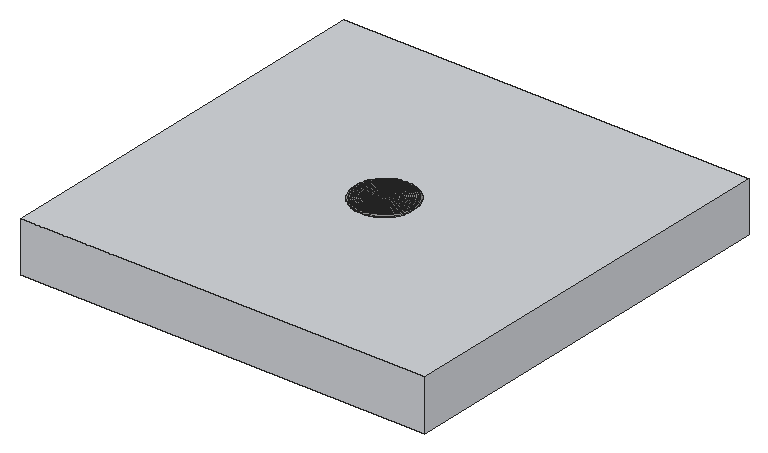
Revit family "ГГП-03(05).КЛ-01", category Устройства вызова и оповещения, Revit 2017
Family settings
  Основа = Грань
  Сохранять ориентацию аннотаций = Нет
  Размер круглого соединителя = Использовать диаметр
  Тип детали = Нормальный
  При загрузке вырезать с полостями = Нет
  Общий = Нет
  Точка расчета площади = Нет
Parameters (values of type "ГГП-05/КЛ-01 5 Вт")
  Частотный диапазон [instance] = "160-16000 Гц"  # constant formula
  Разработано = "support@bimlib.ru"  # constant formula
  Default Elevation = 1219.2 mm
  Напряжение питания = 100 V
  Мощность = 5 W
  Выходная мощность [instance] = if(and(Выбор мощности, Мощность = 3 VA), "3 Вт", if(and(Выбор мощности, Мощность = 5 VA), "5 Вт", if(and(Мощность = 5 VA), "3 Вт", "1 Вт")))  # "5 Вт"
  Материал [instance] = ПВХ
  Код IP [instance] = "41"  # constant formula
  Исполнение [instance] = "Настенное"  # constant formula
  Изготовитель = "СОУЭ Речор"  # constant formula
  Диапазон рабочих температур [instance] = "-10…+ 50 ºС \r"  # constant formula
  Диаметр [instance] = 180 mm
  Глубина [instance] = 56 mm
  Выбор мощности [instance] = yes
  URL = "http://rechor.ru/gromkogovoriteli"
  ADSK_Примечание [instance] = ""
  ADSK_Позиция [instance] = ""
  Обозначение = "КОД ОКП ОК 005 ТУ 4372-008-56433581-2015"  # constant formula
  Наименование = if(Мощность = 3 VA, "Оповещатель охранно-пожарный речевой 'ГГП-03/КЛ-01'", if(Мощность = 5 VA, "Оповещатель охранно-пожарный речевой 'ГГП-05/КЛ-01'", "Не найдено"))  # "Оповещатель охранно-пожарный речевой 'ГГП-05/КЛ-01'"
  ADSK_Масса_Текст = "0,5кг"
  ADSK_Масса = 0.5
  ADSK_Завод-изготовитель [instance] = Изготовитель  # "СОУЭ Речор"
Types (2, lengths in mm): name | Мощность | Выходная мощность | Глубина | Наименование | ADSK_Масса_Текст | ADSK_Масса
  ГГП-05/КЛ-01 5 Вт | 5 W | "5 Вт" | 56 | "Оповещатель охранно-пожарный речевой 'ГГП-05/КЛ-01'" | "0,5кг" | 0.5
  ГГП-03/КЛ-01 3 Вт | 3 W | "3 Вт" | 64 | "Оповещатель охранно-пожарный речевой 'ГГП-03/КЛ-01'" | "0,64 кг\r" | 0.64
Reference planes
  plane 1 "По центру (Вперед/Назад)": y = 0
  plane 2: z = 0
  plane 3 "По центру (Влево/Вправо)": x = 0
  plane 4: z = -56
Forms (mm)
  Extrusion 1, solid
    sketch origin (0, 0, 0) x (1, 0, 0) y (0, 1, 0)
      loop
        line (-1219.2, 1219.2) -> (-1219.2, -1219.2) -> (1219.2, -1219.2) -> (1219.2, 1219.2) -> (-1219.2, 1219.2)
    from 0 to -304.8
  Extrusion 2, solid, material "ПВХ" <- "Материал"
    sketch origin (0, 0, 0) x (1, 0, 0) y (0, 1, 0)
      loop
        circle (0, 0) r 180
    from 0 to 8
  Extrusion 3, solid, material "ПВХ" <- "Материал"
    sketch origin (0, 0, 0) x (1, 0, 0) y (0, 1, 0)
      loop
        line (-104.636, 114.922) -> (-104.636, -114.922) -> (85.364, -114.922) -> (85.364, 114.922) -> (-104.636, 114.922)
    from -56 to 0
  Revolve 4, void
    sketch origin (0, 0, 2.191) x (1, 0, 0) y (0, 0, 1)
      loop
        arc (174.331, 5.809) -> (177.858, 4.645) -> (180, 1.612) r 5.927
        line (180, 1.612) -> (180, 5.809) -> (174.331, 5.809)
      axis (0, 5.809) -> (0, 1.612)
    angle from 0 to 360
  Revolve 5, solid, material "ПВХ" <- "Материал"
    sketch origin (0, 0, 0) x (1, 0, 0) y (0, 0, 1)
      loop
        line (165.64, 9.595) -> (160.64, 9.595) -> (160.64, 6.95) -> (165.64, 6.95) -> (165.64, 9.595)
      loop
        line (155.64, 9.595) -> (150.64, 9.595) -> (150.64, 6.95) -> (155.64, 6.95) -> (155.64, 9.595)
      loop
        line (145.64, 9.595) -> (140.64, 9.595) -> (140.64, 6.95) -> (145.64, 6.95) -> (145.64, 9.595)
      loop
        line (135.64, 9.595) -> (130.64, 9.595) -> (130.64, 6.95) -> (135.64, 6.95) -> (135.64, 9.595)
      loop
        line (125.64, 9.595) -> (120.64, 9.595) -> (120.64, 6.95) -> (125.64, 6.95) -> (125.64, 9.595)
      loop
        line (115.64, 9.595) -> (110.64, 9.595) -> (110.64, 6.95) -> (115.64, 6.95) -> (115.64, 9.595)
      loop
        line (105.64, 9.595) -> (100.64, 9.595) -> (100.64, 6.95) -> (105.64, 6.95) -> (105.64, 9.595)
      loop
        line (95.64, 9.595) -> (90.64, 9.595) -> (90.64, 6.95) -> (95.64, 6.95) -> (95.64, 9.595)
      loop
        line (85.64, 9.595) -> (80.64, 9.595) -> (80.64, 6.95) -> (85.64, 6.95) -> (85.64, 9.595)
      loop
        line (75.64, 9.595) -> (70.64, 9.595) -> (70.64, 6.95) -> (75.64, 6.95) -> (75.64, 9.595)
      loop
        line (65.64, 9.595) -> (60.64, 9.595) -> (60.64, 6.95) -> (65.64, 6.95) -> (65.64, 9.595)
      loop
        line (55.64, 9.595) -> (50.64, 9.595) -> (50.64, 6.95) -> (55.64, 6.95) -> (55.64, 9.595)
      loop
        line (45.64, 9.595) -> (40.64, 9.595) -> (40.64, 6.95) -> (45.64, 6.95) -> (45.64, 9.595)
      loop
        line (35.64, 9.595) -> (30.64, 9.595) -> (30.64, 6.95) -> (35.64, 6.95) -> (35.64, 9.595)
      loop
        line (25.64, 9.595) -> (20.64, 9.595) -> (20.64, 6.95) -> (25.64, 6.95) -> (25.64, 9.595)
      loop
        line (15.64, 9.595) -> (10.64, 9.595) -> (10.64, 6.95) -> (15.64, 6.95) -> (15.64, 9.595)
      axis (0, 6.95) -> (0, 9.595)
    angle from 0 to 360
  Extrusion 6, solid, material "ПВХ" <- "Материал"
    sketch origin (0, 0, 0) x (1, 0, 0) y (0, 1, 0)
      loop
        line (-10.561, 1.297) -> (-163.703, 20.1)
        arc (-163.703, 20.1) -> (-164.588, 9.955) -> (-164.883, -0.225) r 175.64
        arc (-164.883, -0.225) -> (-164.601, -10.182) -> (-163.755, -20.107) r 175.64
        line (-163.755, -20.107) -> (-10.897, -1.338)
        arc (-10.897, -1.338) -> (-8.185, -7.885) -> (-1.638, -10.597) r 9.259
        line (-1.638, -10.597) -> (-20.32, -162.752)
        arc (-20.32, -162.752) -> (-8.502, -163.955) -> (3.37, -164.357) r 175.64
        arc (3.37, -164.357) -> (11.564, -164.165) -> (19.741, -163.592) r 175.64
        line (19.741, -163.592) -> (0.989, -10.868)
        arc (0.989, -10.868) -> (7.757, -8.065) -> (10.561, -1.297) r 9.572
        line (10.561, -1.297) -> (162.206, -19.916)
        arc (162.206, -19.916) -> (163.121, -9.602) -> (163.426, 0.749) r 175.64
        arc (163.426, 0.749) -> (163.163, 10.357) -> (162.375, 19.937) r 175.64
        line (162.375, 19.937) -> (10.289, 1.263)
        arc (10.289, 1.263) -> (7.556, 7.863) -> (0.956, 10.597) r 9.334
        line (0.956, 10.597) -> (19.809, 164.146)
        arc (19.809, 164.146) -> (10.571, 164.879) -> (1.306, 165.124) r 175.64
        arc (1.306, 165.124) -> (-9.591, 164.785) -> (-20.445, 163.772) r 175.64
        line (-20.445, 163.772) -> (-1.596, 10.261)
        arc (-1.596, 10.261) -> (-7.935, 7.635) -> (-10.561, 1.297) r 8.964
    from 3.803 to 8.785
Cuts and joins
  Revolve 4 cuts Extrusion 2
  joined: Extrusion 2, Extrusion 3
Dimensions and locks
  equal spacing: Extrusion 3 sketch curve, plane 1 "По центру (Вперед/Назад)", Extrusion 3 sketch curve
  locked: Extrusion 3 sketch curve to Extrusion 3 sketch curve at 229.844
  "Глубина": level to plane 4
  "Диаметр": radius of Extrusion 2 sketch curve
  aligned and locked: plane 2 to Extrusion 1
  aligned and locked: level to Extrusion 1
  aligned and locked: Extrusion 3 to plane 4
  aligned and locked: level to Extrusion 3
Automatic sketch dimensions
  Extrusion 1 sketch curve to Extrusion 1 sketch curve = 2438.4 mm  (x2)
  plane 3 "По центру (Влево/Вправо)" to Extrusion 3 sketch curve = 85.364 mm
  Extrusion 3 sketch curve to plane 3 "По центру (Влево/Вправо)" = 104.636 mm
  Revolve 5 sketch curve to plane 3 "По центру (Влево/Вправо)" = 0 mm
  plane 3 "По центру (Влево/Вправо)" to Revolve 5 sketch curve = 10.64 mm
  Revolve 5 sketch curve to Revolve 5 sketch curve = 5 mm  (x31)
  level to Revolve 5 sketch curve = 6.95 mm  (x2)
  Revolve 5 sketch curve to Revolve 5 sketch curve = 0 mm  (x14)
  Revolve 5 sketch curve to Revolve 5 sketch curve = 2.645 mm  (x16)
  Revolve 5 sketch curve to level = 15.889 mm
  Revolve 5 sketch curve to Revolve 5 sketch curve = 9.516 mm
  Revolve 4 sketch curve to plane 3 "По центру (Влево/Вправо)" = 0 mm
  level to Revolve 4 sketch curve = 2.073 mm
  plane 3 "По центру (Влево/Вправо)" to Revolve 4 sketch curve = 174.331 mm
  Revolve 4 sketch curve to Revolve 4 sketch curve = 5.669 mm
  Revolve 4 sketch curve to level = 22.809 mm
  level to Revolve 4 sketch curve = 3.803 mm
  level to Revolve 4 sketch curve = 17.191 mm
  Extrusion 6 sketch curve to Extrusion 6 sketch curve = 0 mm  (x8)
  plane 1 "По центру (Вперед/Назад)" to Extrusion 6 sketch curve = 0.225 mm
  plane 3 "По центру (Влево/Вправо)" to Extrusion 6 sketch curve = 10.757 mm
  plane 1 "По центру (Вперед/Назад)" to Extrusion 6 sketch curve = 10.516 mm
  plane 3 "По центру (Влево/Вправо)" to Extrusion 6 sketch curve = 1.306 mm
  Extrusion 6 sketch curve to plane 1 "По центру (Вперед/Назад)" = 11.283 mm
  Extrusion 6 sketch curve to Extrusion 6 sketch curve = 2.064 mm
  Extrusion 6 sketch curve to plane 3 "По центру (Влево/Вправо)" = 1.596 mm
  Extrusion 6 sketch curve to plane 3 "По центру (Влево/Вправо)" = 1.638 mm
  Extrusion 6 sketch curve to plane 1 "По центру (Вперед/Назад)" = 1.297 mm
  Extrusion 6 sketch curve to Extrusion 6 sketch curve = 8.964 mm
  plane 1 "По центру (Вперед/Назад)" to Extrusion 6 sketch curve = 1.338 mm
  Extrusion 6 sketch curve to Extrusion 6 sketch curve = 0.336 mm
  Extrusion 6 sketch curve to plane 1 "По центру (Вперед/Назад)" = 0.749 mm
  Extrusion 6 sketch curve to Extrusion 6 sketch curve = 1.653 mm
  Extrusion 6 sketch curve to Extrusion 6 sketch curve = 21.751 mm
  Extrusion 6 sketch curve to Extrusion 6 sketch curve = 23.689 mm
  plane 1 "По центру (Вперед/Назад)" to Extrusion 6 sketch curve = 20.107 mm
  Extrusion 6 sketch curve to Extrusion 6 sketch curve = 151.54 mm
  Extrusion 6 sketch curve to plane 1 "По центру (Вперед/Назад)" = 20.1 mm
  plane 3 "По центру (Влево/Вправо)" to Extrusion 6 sketch curve = 0.956 mm
  plane 3 "По центру (Влево/Вправо)" to Extrusion 6 sketch curve = 0.989 mm
  Extrusion 6 sketch curve to plane 1 "По центру (Вперед/Назад)" = 1.263 mm
  Extrusion 6 sketch curve to Extrusion 6 sketch curve = 9.334 mm
  plane 1 "По центру (Вперед/Назад)" to Extrusion 6 sketch curve = 1.297 mm
  Extrusion 6 sketch curve to Extrusion 6 sketch curve = 0.271 mm
  plane 3 "По центру (Влево/Вправо)" to Extrusion 6 sketch curve = 19.809 mm
  plane 3 "По центру (Влево/Вправо)" to Extrusion 6 sketch curve = 19.741 mm
  plane 1 "По центру (Вперед/Назад)" to Extrusion 6 sketch curve = 19.916 mm
  Extrusion 6 sketch curve to Extrusion 6 sketch curve = 151.645 mm
  Extrusion 6 sketch curve to plane 1 "По центру (Вперед/Назад)" = 19.937 mm
  Extrusion 6 sketch curve to Extrusion 6 sketch curve = 152.724 mm
  Extrusion 6 sketch curve to Extrusion 6 sketch curve = 153.549 mm
  plane 1 "По центру (Вперед/Назад)" to Extrusion 2 sketch curve = 0 mm
  Extrusion 2 sketch curve to plane 3 "По центру (Влево/Вправо)" = 0 mm
Connectors
  electrical at (-9.636, 0, -56), driven by "Напряжение питания", driven by "Мощность"
    settings: on cut or joined group of Extrusion 2, Extrusion 3, Revolve 4, index 1, voltage 100 V, apparent load 0 VA, apparent load phase1 5 VA, apparent load phase2 0 VA, apparent load phase3 0 VA, power factor 1, load classification "Прочее", number of poles 1, system type 31, power factor state 1, is connector primary yes, connector utility no, sub classification motor no, connector description ""
  electrical at (-9.636, 0, -56)
    settings: on cut or joined group of Extrusion 2, Extrusion 3, Revolve 4, index 2, voltage 0 V, apparent load 0 VA, apparent load phase1 0 VA, apparent load phase2 0 VA, apparent load phase3 0 VA, power factor 1, load classification "Прочее", number of poles 1, system type 9, power factor state 1, is connector primary no, connector utility no, sub classification motor no, connector description ""
